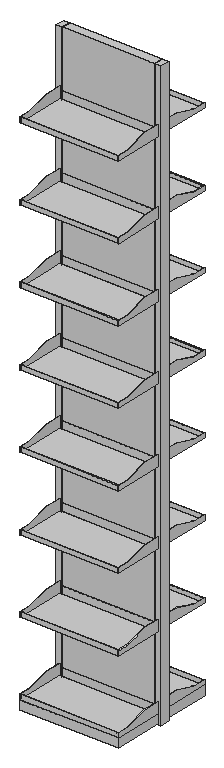
Revit family "RX1", category Specialty Equipment, Revit 2012
Parameters (values of type "Pharmacy Starter (Default)")
  URL = "http://www.madixinc.com/store/pharmacy/components/index.html"
  Model = "Pharmacy"
  Manufacturer = "© 2012 Madix, Inc. All rights reserved."
  "Front" Base Shelf [instance] = yes
  "Front" 2' Shelf [instance] = yes
  "Front" 3' Shelf [instance] = yes
  "Front" 4' Shelf [instance] = yes
  Shelf Width = 1' - 4"
  "Front" 5' Shelf [instance] = yes
  "Front" 6' Shelf [instance] = yes
  "Front" 7' Shelf [instance] = yes
  "Front" 8' Shelf [instance] = yes
  "Back" Base Shelf [instance] = yes
  "Back" 2' Shelf [instance] = yes
  "Back" 3' Shelf [instance] = yes
  "Back" 4' Shelf [instance] = yes
  "Back" 5' Shelf [instance] = yes
  "Front" Shelf Depth = 0' - 8"
  "Back" 6' Shelf [instance] = yes
  "Back" Shelf Depth = 0' - 8"
  Height = 8' - 0"
  "Back" 7' Shelf [instance] = yes
  "Back" 8' Shelf [instance] = yes
Reference planes (in)
  plane 1 "Center (Front/Back)": y = 0
  plane 2: z = 0
  plane 3 "Center (Left/Right)": x = 0
  plane 4: z = 0
  plane 5: y = 0.75
  plane 6: y = -0.75
  plane 7: y = -8.75
  plane 8: y = 8.75
  plane 9: x = -8
  plane 10: x = 8
  plane 11: x = 7.9375
  plane 12: x = -7.9375
  plane 13: z = 1.5
  plane 14: y = -8.6875
  plane 15: y = -0.8125
  plane 16: y = 0.8125
  plane 17: y = 8.6875
  plane 18: x = -7.5
  plane 19: x = 8.5
  plane 20: x = -8.5
  plane 21: x = 7.46875
  plane 22: y = -10.25
  plane 23: z = 96
  plane 24: x = -7.5
Forms (in)
  Extrusion 1, solid, material "Metal - Steel", visible <- ""Front" Base Shelf"
    sketch origin (18, 0, 0) x (0, 0, 1) y (0, -1, 0)
      loop
        line (0, 8.75) -> (0, 0.75) -> (1.5, 0.75) -> (1.5, 8.75) -> (0, 8.75)
    from -10 to -26
  Extrusion 2, solid, material "Metal - Steel", visible <- ""Back" Base Shelf"
    sketch origin (18, 0, 0) x (0, 0, 1) y (0, -1, 0)
      loop
        line (0, -8.75) -> (1.5, -8.75) -> (1.5, -0.75) -> (0, -0.75) -> (0, -8.75)
    from -10 to -26
  Extrusion 3, solid, material "Metal - Steel", visible <- ""Front" Base Shelf"
    sketch origin (0, 0, 0) x (0, 1, 0) y (0, 0, 1)
      loop
        line (-0.75, 1.5) -> (-0.75, 3.25) -> (-3.25, 3.25) -> (-6.75, 2.25) -> (-8.75, 2.25) -> (-8.75, 1.5) -> (-0.75, 1.5)
    from -8 to -7.9375
  Extrusion 4, solid, material "Metal - Steel", visible <- ""Front" Base Shelf"
    sketch origin (0, 0, 0) x (0, 1, 0) y (0, 0, -1)
      loop
        line (-0.75, -1.5) -> (-8.75, -1.5) -> (-8.75, -2.25) -> (-6.75, -2.25) -> (-3.25, -3.25) -> (-0.75, -3.25) -> (-0.75, -1.5)
    from -8 to -7.9375
  Extrusion 5, solid, material "Metal - Steel", visible <- ""Front" Base Shelf"
    sketch origin (-8.5, -1.375, 84) x (0, 0, -1) y (0, -1, 0)
      loop
        line (81.75, 7.375) -> (81.75, 7.3125) -> (82.4375, 7.3125) -> (82.4375, -0.5625) -> (81.21326, -0.5625) -> (81.21326, -0.625) -> (82.5, -0.625) -> (82.5, 7.375) -> (81.75, 7.375)
    from -16.4375 to -0.5625
  Extrusion 6, solid, material "Metal - Steel", visible <- ""Front" 2' Shelf"
    sketch origin (0, 0, 12) x (0, 1, 0) y (0, 0, 1)
      loop
        line (-0.75, 1.5) -> (-0.75, 3.25) -> (-3.25, 3.25) -> (-6.75, 2.25) -> (-8.75, 2.25) -> (-8.75, 1.5) -> (-0.75, 1.5)
    from -8 to -7.9375
  Extrusion 7, solid, material "Metal - Steel", visible <- ""Front" 2' Shelf"
    sketch origin (0, 0, 12) x (0, 1, 0) y (0, 0, -1)
      loop
        line (-0.75, -1.5) -> (-8.75, -1.5) -> (-8.75, -2.25) -> (-6.75, -2.25) -> (-3.25, -3.25) -> (-0.75, -3.25) -> (-0.75, -1.5)
    from -8 to -7.9375
  Extrusion 8, solid, material "Metal - Steel", visible <- ""Front" 2' Shelf"
    sketch origin (-8.5, -1.375, 96) x (0, 0, -1) y (0, -1, 0)
      loop
        line (81.75, 7.375) -> (81.75, 7.3125) -> (82.4375, 7.3125) -> (82.4375, -0.5625) -> (81.21326, -0.5625) -> (81.21326, -0.625) -> (82.5, -0.625) -> (82.5, 7.375) -> (81.75, 7.375)
    from -16.4375 to -0.5625
  Extrusion 9, solid, material "Metal - Steel", visible <- ""Front" 3' Shelf"
    sketch origin (0, 0, 24) x (0, 1, 0) y (0, 0, 1)
      loop
        line (-0.75, 1.5) -> (-0.75, 3.25) -> (-3.25, 3.25) -> (-6.75, 2.25) -> (-8.75, 2.25) -> (-8.75, 1.5) -> (-0.75, 1.5)
    from -8 to -7.9375
  Extrusion 10, solid, material "Metal - Steel", visible <- ""Front" 3' Shelf"
    sketch origin (0, 0, 24) x (0, 1, 0) y (0, 0, -1)
      loop
        line (-0.75, -1.5) -> (-8.75, -1.5) -> (-8.75, -2.25) -> (-6.75, -2.25) -> (-3.25, -3.25) -> (-0.75, -3.25) -> (-0.75, -1.5)
    from -8 to -7.9375
  Extrusion 11, solid, material "Metal - Steel", visible <- ""Front" 3' Shelf"
    sketch origin (-8.5, -1.375, 108) x (0, 0, -1) y (0, -1, 0)
      loop
        line (81.75, 7.375) -> (81.75, 7.3125) -> (82.4375, 7.3125) -> (82.4375, -0.5625) -> (81.21326, -0.5625) -> (81.21326, -0.625) -> (82.5, -0.625) -> (82.5, 7.375) -> (81.75, 7.375)
    from -16.4375 to -0.5625
  Extrusion 12, solid, material "Metal - Steel", visible <- ""Front" 4' Shelf"
    sketch origin (0, 0, 36) x (0, 1, 0) y (0, 0, 1)
      loop
        line (-0.75, 1.5) -> (-0.75, 3.25) -> (-3.25, 3.25) -> (-6.75, 2.25) -> (-8.75, 2.25) -> (-8.75, 1.5) -> (-0.75, 1.5)
    from -8 to -7.9375
  Extrusion 13, solid, material "Metal - Steel", visible <- ""Front" 4' Shelf"
    sketch origin (0, 0, 36) x (0, 1, 0) y (0, 0, -1)
      loop
        line (-0.75, -1.5) -> (-8.75, -1.5) -> (-8.75, -2.25) -> (-6.75, -2.25) -> (-3.25, -3.25) -> (-0.75, -3.25) -> (-0.75, -1.5)
    from -8 to -7.9375
  Extrusion 14, solid, material "Metal - Steel", visible <- ""Front" 4' Shelf"
    sketch origin (-8.5, -1.375, 120) x (0, 0, -1) y (0, -1, 0)
      loop
        line (81.75, 7.375) -> (81.75, 7.3125) -> (82.4375, 7.3125) -> (82.4375, -0.5625) -> (81.21326, -0.5625) -> (81.21326, -0.625) -> (82.5, -0.625) -> (82.5, 7.375) -> (81.75, 7.375)
    from -16.4375 to -0.5625
  Extrusion 15, solid, material "Metal - Steel", visible <- ""Front" 5' Shelf"
    sketch origin (0, 0, 48) x (0, 1, 0) y (0, 0, 1)
      loop
        line (-0.75, 1.5) -> (-0.75, 3.25) -> (-3.25, 3.25) -> (-6.75, 2.25) -> (-8.75, 2.25) -> (-8.75, 1.5) -> (-0.75, 1.5)
    from -8 to -7.9375
  Extrusion 16, solid, material "Metal - Steel", visible <- ""Front" 5' Shelf"
    sketch origin (0, 0, 48) x (0, 1, 0) y (0, 0, -1)
      loop
        line (-0.75, -1.5) -> (-8.75, -1.5) -> (-8.75, -2.25) -> (-6.75, -2.25) -> (-3.25, -3.25) -> (-0.75, -3.25) -> (-0.75, -1.5)
    from -8 to -7.9375
  Extrusion 17, solid, material "Metal - Steel", visible <- ""Front" 5' Shelf"
    sketch origin (-8.5, -1.375, 132) x (0, 0, -1) y (0, -1, 0)
      loop
        line (81.75, 7.375) -> (81.75, 7.3125) -> (82.4375, 7.3125) -> (82.4375, -0.5625) -> (81.21326, -0.5625) -> (81.21326, -0.625) -> (82.5, -0.625) -> (82.5, 7.375) -> (81.75, 7.375)
    from -16.4375 to -0.5625
  Extrusion 18, solid, material "Metal - Steel", visible <- ""Front" 6' Shelf"
    sketch origin (0, 0, 60) x (0, 1, 0) y (0, 0, 1)
      loop
        line (-0.75, 1.5) -> (-0.75, 3.25) -> (-3.25, 3.25) -> (-6.75, 2.25) -> (-8.75, 2.25) -> (-8.75, 1.5) -> (-0.75, 1.5)
    from -8 to -7.9375
  Extrusion 19, solid, material "Metal - Steel", visible <- ""Front" 6' Shelf"
    sketch origin (0, 0, 60) x (0, 1, 0) y (0, 0, -1)
      loop
        line (-0.75, -1.5) -> (-8.75, -1.5) -> (-8.75, -2.25) -> (-6.75, -2.25) -> (-3.25, -3.25) -> (-0.75, -3.25) -> (-0.75, -1.5)
    from -8 to -7.9375
  Extrusion 20, solid, material "Metal - Steel", visible <- ""Front" 6' Shelf"
    sketch origin (-8.5, -1.375, 144) x (0, 0, -1) y (0, -1, 0)
      loop
        line (81.75, 7.375) -> (81.75, 7.3125) -> (82.4375, 7.3125) -> (82.4375, -0.5625) -> (81.21326, -0.5625) -> (81.21326, -0.625) -> (82.5, -0.625) -> (82.5, 7.375) -> (81.75, 7.375)
    from -16.4375 to -0.5625
  Extrusion 21, solid, material "Metal - Steel", visible <- ""Front" 7' Shelf"
    sketch origin (0, 0, 72) x (0, 1, 0) y (0, 0, 1)
      loop
        line (-0.75, 1.5) -> (-0.75, 3.25) -> (-3.25, 3.25) -> (-6.75, 2.25) -> (-8.75, 2.25) -> (-8.75, 1.5) -> (-0.75, 1.5)
    from -8 to -7.9375
  Extrusion 22, solid, material "Metal - Steel", visible <- ""Front" 7' Shelf"
    sketch origin (0, 0, 72) x (0, 1, 0) y (0, 0, -1)
      loop
        line (-0.75, -1.5) -> (-8.75, -1.5) -> (-8.75, -2.25) -> (-6.75, -2.25) -> (-3.25, -3.25) -> (-0.75, -3.25) -> (-0.75, -1.5)
    from -8 to -7.9375
  Extrusion 23, solid, material "Metal - Steel", visible <- ""Front" 7' Shelf"
    sketch origin (-8.5, -1.375, 156) x (0, 0, -1) y (0, -1, 0)
      loop
        line (81.75, 7.375) -> (81.75, 7.3125) -> (82.4375, 7.3125) -> (82.4375, -0.5625) -> (81.21326, -0.5625) -> (81.21326, -0.625) -> (82.5, -0.625) -> (82.5, 7.375) -> (81.75, 7.375)
    from -16.4375 to -0.5625
  Extrusion 24, solid, material "Metal - Steel", visible <- ""Back" Base Shelf"
    sketch origin (0, 0, 0) x (0, -1, 0) y (0, 0, -1)
      loop
        line (-0.75, -1.5) -> (-8.75, -1.5) -> (-8.75, -2.25) -> (-6.75, -2.25) -> (-3.25, -3.25) -> (-0.75, -3.25) -> (-0.75, -1.5)
    from -8 to -7.9375
  Extrusion 25, solid, material "Metal - Steel", visible <- ""Back" Base Shelf"
    sketch origin (0, 0, 0) x (0, -1, 0) y (0, 0, 1)
      loop
        line (-0.75, 1.5) -> (-0.75, 3.25) -> (-3.25, 3.25) -> (-6.75, 2.25) -> (-8.75, 2.25) -> (-8.75, 1.5) -> (-0.75, 1.5)
    from -8 to -7.9375
  Extrusion 26, solid, material "Metal - Steel", visible <- ""Back" Base Shelf"
    sketch origin (-8.5, 1.375, 84) x (0, 0, -1) y (0, -1, 0)
      loop
        line (81.75, -7.375) -> (82.5, -7.375) -> (82.5, 0.625) -> (81.21326, 0.625) -> (81.21326, 0.5625) -> (82.4375, 0.5625) -> (82.4375, -7.3125) -> (81.75, -7.3125) -> (81.75, -7.375)
    from -16.4375 to -0.5625
  Extrusion 27, solid, material "Metal - Steel", visible <- ""Back" 2' Shelf"
    sketch origin (0, 0, 12) x (0, -1, 0) y (0, 0, -1)
      loop
        line (-0.75, -1.5) -> (-8.75, -1.5) -> (-8.75, -2.25) -> (-6.75, -2.25) -> (-3.25, -3.25) -> (-0.75, -3.25) -> (-0.75, -1.5)
    from -8 to -7.9375
  Extrusion 28, solid, material "Metal - Steel", visible <- ""Back" 2' Shelf"
    sketch origin (0, 0, 12) x (0, -1, 0) y (0, 0, 1)
      loop
        line (-0.75, 1.5) -> (-0.75, 3.25) -> (-3.25, 3.25) -> (-6.75, 2.25) -> (-8.75, 2.25) -> (-8.75, 1.5) -> (-0.75, 1.5)
    from -8 to -7.9375
  Extrusion 29, solid, material "Metal - Steel", visible <- ""Back" 2' Shelf"
    sketch origin (-8.5, 1.375, 96) x (0, 0, -1) y (0, -1, 0)
      loop
        line (81.75, -7.375) -> (82.5, -7.375) -> (82.5, 0.625) -> (81.21326, 0.625) -> (81.21326, 0.5625) -> (82.4375, 0.5625) -> (82.4375, -7.3125) -> (81.75, -7.3125) -> (81.75, -7.375)
    from -16.4375 to -0.5625
  Extrusion 30, solid, material "Metal - Steel", visible <- ""Back" 3' Shelf"
    sketch origin (0, 0, 24) x (0, -1, 0) y (0, 0, -1)
      loop
        line (-0.75, -1.5) -> (-8.75, -1.5) -> (-8.75, -2.25) -> (-6.75, -2.25) -> (-3.25, -3.25) -> (-0.75, -3.25) -> (-0.75, -1.5)
    from -8 to -7.9375
  Extrusion 31, solid, material "Metal - Steel", visible <- ""Back" 3' Shelf"
    sketch origin (0, 0, 24) x (0, -1, 0) y (0, 0, 1)
      loop
        line (-0.75, 1.5) -> (-0.75, 3.25) -> (-3.25, 3.25) -> (-6.75, 2.25) -> (-8.75, 2.25) -> (-8.75, 1.5) -> (-0.75, 1.5)
    from -8 to -7.9375
  Extrusion 32, solid, material "Metal - Steel", visible <- ""Back" 3' Shelf"
    sketch origin (-8.5, 1.375, 108) x (0, 0, -1) y (0, -1, 0)
      loop
        line (81.75, -7.375) -> (82.5, -7.375) -> (82.5, 0.625) -> (81.21326, 0.625) -> (81.21326, 0.5625) -> (82.4375, 0.5625) -> (82.4375, -7.3125) -> (81.75, -7.3125) -> (81.75, -7.375)
    from -16.4375 to -0.5625
  Extrusion 33, solid, material "Metal - Steel", visible <- ""Back" 4' Shelf"
    sketch origin (0, 0, 36) x (0, -1, 0) y (0, 0, -1)
      loop
        line (-0.75, -1.5) -> (-8.75, -1.5) -> (-8.75, -2.25) -> (-6.75, -2.25) -> (-3.25, -3.25) -> (-0.75, -3.25) -> (-0.75, -1.5)
    from -8 to -7.9375
  Extrusion 34, solid, material "Metal - Steel", visible <- ""Back" 4' Shelf"
    sketch origin (0, 0, 36) x (0, -1, 0) y (0, 0, 1)
      loop
        line (-0.75, 1.5) -> (-0.75, 3.25) -> (-3.25, 3.25) -> (-6.75, 2.25) -> (-8.75, 2.25) -> (-8.75, 1.5) -> (-0.75, 1.5)
    from -8 to -7.9375
  Extrusion 35, solid, material "Metal - Steel", visible <- ""Back" 4' Shelf"
    sketch origin (-8.5, 1.375, 120) x (0, 0, -1) y (0, -1, 0)
      loop
        line (81.75, -7.375) -> (82.5, -7.375) -> (82.5, 0.625) -> (81.21326, 0.625) -> (81.21326, 0.5625) -> (82.4375, 0.5625) -> (82.4375, -7.3125) -> (81.75, -7.3125) -> (81.75, -7.375)
    from -16.4375 to -0.5625
  Extrusion 36, solid, material "Metal - Steel", visible <- ""Back" 5' Shelf"
    sketch origin (0, 0, 48) x (0, -1, 0) y (0, 0, -1)
      loop
        line (-0.75, -1.5) -> (-8.75, -1.5) -> (-8.75, -2.25) -> (-6.75, -2.25) -> (-3.25, -3.25) -> (-0.75, -3.25) -> (-0.75, -1.5)
    from -8 to -7.9375
  Extrusion 37, solid, material "Metal - Steel", visible <- ""Back" 5' Shelf"
    sketch origin (0, 0, 48) x (0, -1, 0) y (0, 0, 1)
      loop
        line (-0.75, 1.5) -> (-0.75, 3.25) -> (-3.25, 3.25) -> (-6.75, 2.25) -> (-8.75, 2.25) -> (-8.75, 1.5) -> (-0.75, 1.5)
    from -8 to -7.9375
  Extrusion 38, solid, material "Metal - Steel", visible <- ""Back" 5' Shelf"
    sketch origin (-8.5, 1.375, 132) x (0, 0, -1) y (0, -1, 0)
      loop
        line (81.75, -7.375) -> (82.5, -7.375) -> (82.5, 0.625) -> (81.21326, 0.625) -> (81.21326, 0.5625) -> (82.4375, 0.5625) -> (82.4375, -7.3125) -> (81.75, -7.3125) -> (81.75, -7.375)
    from -16.4375 to -0.5625
  Extrusion 39, solid, material "Metal - Steel", visible <- ""Back" 6' Shelf"
    sketch origin (0, 0, 60) x (0, -1, 0) y (0, 0, -1)
      loop
        line (-0.75, -1.5) -> (-8.75, -1.5) -> (-8.75, -2.25) -> (-6.75, -2.25) -> (-3.25, -3.25) -> (-0.75, -3.25) -> (-0.75, -1.5)
    from -8 to -7.9375
  Extrusion 40, solid, material "Metal - Steel", visible <- ""Back" 6' Shelf"
    sketch origin (0, 0, 60) x (0, -1, 0) y (0, 0, 1)
      loop
        line (-0.75, 1.5) -> (-0.75, 3.25) -> (-3.25, 3.25) -> (-6.75, 2.25) -> (-8.75, 2.25) -> (-8.75, 1.5) -> (-0.75, 1.5)
    from -8 to -7.9375
  Extrusion 41, solid, material "Metal - Steel", visible <- ""Back" 6' Shelf"
    sketch origin (-8.5, 1.375, 144) x (0, 0, -1) y (0, -1, 0)
      loop
        line (81.75, -7.375) -> (82.5, -7.375) -> (82.5, 0.625) -> (81.21326, 0.625) -> (81.21326, 0.5625) -> (82.4375, 0.5625) -> (82.4375, -7.3125) -> (81.75, -7.3125) -> (81.75, -7.375)
    from -16.4375 to -0.5625
  Extrusion 42, solid, material "Metal - Steel", visible <- ""Back" 7' Shelf"
    sketch origin (0, 0, 72) x (0, -1, 0) y (0, 0, -1)
      loop
        line (-0.75, -1.5) -> (-8.75, -1.5) -> (-8.75, -2.25) -> (-6.75, -2.25) -> (-3.25, -3.25) -> (-0.75, -3.25) -> (-0.75, -1.5)
    from -8 to -7.9375
  Extrusion 43, solid, material "Metal - Steel", visible <- ""Back" 7' Shelf"
    sketch origin (0, 0, 72) x (0, -1, 0) y (0, 0, 1)
      loop
        line (-0.75, 1.5) -> (-0.75, 3.25) -> (-3.25, 3.25) -> (-6.75, 2.25) -> (-8.75, 2.25) -> (-8.75, 1.5) -> (-0.75, 1.5)
    from -8 to -7.9375
  Extrusion 44, solid, material "Metal - Steel", visible <- ""Back" 7' Shelf"
    sketch origin (-8.5, 1.375, 156) x (0, 0, -1) y (0, -1, 0)
      loop
        line (81.75, -7.375) -> (82.5, -7.375) -> (82.5, 0.625) -> (81.21326, 0.625) -> (81.21326, 0.5625) -> (82.4375, 0.5625) -> (82.4375, -7.3125) -> (81.75, -7.3125) -> (81.75, -7.375)
    from -16.4375 to -0.5625
  Extrusion 45, solid, material "Metal - Steel", visible <- ""Front" 8' Shelf"
    sketch origin (0, 0, 84) x (0, 1, 0) y (0, 0, 1)
      loop
        line (-0.75, 1.5) -> (-0.75, 3.25) -> (-3.25, 3.25) -> (-6.75, 2.25) -> (-8.75, 2.25) -> (-8.75, 1.5) -> (-0.75, 1.5)
    from -8 to -7.9375
  Extrusion 46, solid, material "Metal - Steel", visible <- ""Front" 8' Shelf"
    sketch origin (0, 0, 84) x (0, 1, 0) y (0, 0, -1)
      loop
        line (-0.75, -1.5) -> (-8.75, -1.5) -> (-8.75, -2.25) -> (-6.75, -2.25) -> (-3.25, -3.25) -> (-0.75, -3.25) -> (-0.75, -1.5)
    from -8 to -7.9375
  Extrusion 47, solid, material "Metal - Steel", visible <- ""Front" 8' Shelf"
    sketch origin (-8.5, -1.375, 168) x (0, 0, -1) y (0, -1, 0)
      loop
        line (81.75, 7.375) -> (81.75, 7.3125) -> (82.4375, 7.3125) -> (82.4375, -0.5625) -> (81.21326, -0.5625) -> (81.21326, -0.625) -> (82.5, -0.625) -> (82.5, 7.375) -> (81.75, 7.375)
    from -16.4375 to -0.5625
  Extrusion 48, solid, material "Metal - Steel", visible <- ""Back" 8' Shelf"
    sketch origin (0, 0, 84) x (0, -1, 0) y (0, 0, -1)
      loop
        line (-0.75, -1.5) -> (-8.75, -1.5) -> (-8.75, -2.25) -> (-6.75, -2.25) -> (-3.25, -3.25) -> (-0.75, -3.25) -> (-0.75, -1.5)
    from -8 to -7.9375
  Extrusion 49, solid, material "Metal - Steel", visible <- ""Back" 8' Shelf"
    sketch origin (0, 0, 84) x (0, -1, 0) y (0, 0, 1)
      loop
        line (-0.75, 1.5) -> (-0.75, 3.25) -> (-3.25, 3.25) -> (-6.75, 2.25) -> (-8.75, 2.25) -> (-8.75, 1.5) -> (-0.75, 1.5)
    from -8 to -7.9375
  Extrusion 50, solid, material "Metal - Steel", visible <- ""Back" 8' Shelf"
    sketch origin (-8.5, 1.375, 168) x (0, 0, -1) y (0, -1, 0)
      loop
        line (81.75, -7.375) -> (82.5, -7.375) -> (82.5, 0.625) -> (81.21326, 0.625) -> (81.21326, 0.5625) -> (82.4375, 0.5625) -> (82.4375, -7.3125) -> (81.75, -7.3125) -> (81.75, -7.375)
    from -16.4375 to -0.5625
  Extrusion 51, solid, material "Metal - Steel"
    sketch origin (-6, -1.375, 84) x (-1, 0, 0) y (0, -1, 0)
      loop
        line (2.5, -2.125) -> (2.5, -0.625) -> (1.53125, -0.625) -> (1.53125, -2.125) -> (2.5, -2.125)
      loop
        line (1.5, -0.625) -> (-13.46875, -0.625) -> (-13.46875, -2.125) -> (1.5, -2.125) -> (1.5, -0.625)
      loop
        line (-14.5, -2.125) -> (-13.5, -2.125) -> (-13.5, -0.625) -> (-14.5, -0.625) -> (-14.5, -2.125)
    from -84 to 12
Cuts and joins
  joined: Extrusion 3, Extrusion 4, Extrusion 5
Dimensions and locks (in)
  ""Back" Shelf Depth": plane 8 to plane 5
  ""Front" Shelf Depth": plane 7 to plane 6
  equal spacing: plane 9, plane 3 "Center (Left/Right)", plane 10
  "Shelf Width": plane 9 to plane 10
  locked: plane 9 to plane 12 at 0.0625
  locked: plane 11 to plane 10 at 0.0625
  locked: plane 7 to plane 14 at 0.0625
  locked: plane 6 to plane 15 at 0.0625
  locked: plane 5 to plane 16 at 0.0625
  locked: plane 8 to plane 17 at 0.0625
  plane 20 to plane 18 = 0' - 1"
  locked: plane 21 to plane 19 at 1.03125
  locked: plane 10 to plane 19 at 0.5
  "Height": plane 23 to level
  plane 20 to Extrusion 45 to plane 18 = 0' - 0 1/2" locked, 0' - 0 1/2"
  locked: plane 9 to plane 18 at 0.5
  aligned and locked: level to plane 2
  aligned and locked: plane 8 to Extrusion 2
  aligned and locked: Extrusion 1 to Extrusion 2
  aligned and locked: Extrusion 2 to plane 9
  aligned and locked: plane 10 to Extrusion 2
  aligned and locked: Extrusion 2 to Extrusion 1
  aligned and locked: Extrusion 5 to Extrusion 4
  aligned and locked: Extrusion 5 to Extrusion 3
  aligned and locked: Extrusion 1 to Extrusion 3
  aligned and locked: Extrusion 1 to Extrusion 4
  aligned and locked: plane 9 to Extrusion 3
  aligned and locked: Extrusion 4 to plane 10
  aligned and locked: Extrusion 4 to plane 11
  aligned and locked: plane 12 to Extrusion 3
  aligned and locked: Extrusion 7 to Extrusion 1
  aligned and locked: Extrusion 7 to plane 11
  aligned and locked: Extrusion 6 to Extrusion 1
  aligned and locked: plane 12 to Extrusion 6
  aligned and locked: Extrusion 10 to Extrusion 1
  aligned and locked: Extrusion 10 to plane 11
  aligned and locked: Extrusion 9 to Extrusion 1
  aligned and locked: plane 12 to Extrusion 9
  aligned and locked: Extrusion 13 to plane 11
  aligned and locked: Extrusion 13 to Extrusion 1
  aligned and locked: plane 12 to Extrusion 12
  aligned and locked: Extrusion 12 to Extrusion 1
  aligned and locked: plane 12 to Extrusion 15
  aligned and locked: Extrusion 15 to Extrusion 1
  aligned and locked: Extrusion 16 to plane 11
  aligned and locked: Extrusion 16 to Extrusion 1
  aligned and locked: Extrusion 20 to Extrusion 19
  aligned and locked: Extrusion 20 to Extrusion 18
  aligned and locked: Extrusion 18 to Extrusion 1
  aligned and locked: plane 12 to Extrusion 18
  aligned and locked: Extrusion 19 to Extrusion 1
  aligned and locked: Extrusion 19 to plane 11
  aligned and locked: Extrusion 21 to Extrusion 1
  aligned and locked: plane 12 to Extrusion 21
  aligned and locked: Extrusion 22 to Extrusion 1
  aligned and locked: Extrusion 22 to plane 11
  aligned and locked: Extrusion 25 to Extrusion 26
  aligned and locked: Extrusion 24 to Extrusion 26
  aligned and locked: Extrusion 25 to plane 11
  aligned and locked: Extrusion 25 to Extrusion 2
  aligned and locked: plane 12 to Extrusion 24
  aligned and locked: Extrusion 24 to Extrusion 2
  aligned and locked: Extrusion 28 to Extrusion 29
  aligned and locked: Extrusion 27 to Extrusion 29
  aligned and locked: plane 12 to Extrusion 27
  aligned and locked: Extrusion 27 to Extrusion 2
  aligned and locked: Extrusion 28 to plane 11
  aligned and locked: Extrusion 28 to Extrusion 2
  aligned and locked: Extrusion 31 to Extrusion 32
  aligned and locked: Extrusion 30 to Extrusion 32
  aligned and locked: Extrusion 30 to Extrusion 2
  aligned and locked: plane 12 to Extrusion 30
  aligned and locked: Extrusion 31 to Extrusion 2
  aligned and locked: Extrusion 31 to plane 11
  aligned and locked: plane 12 to Extrusion 33
  aligned and locked: Extrusion 33 to Extrusion 1
  aligned and locked: Extrusion 34 to plane 11
  aligned and locked: Extrusion 34 to Extrusion 2
  aligned and locked: Extrusion 36 to Extrusion 2
  aligned and locked: plane 12 to Extrusion 36
  aligned and locked: Extrusion 37 to Extrusion 2
  aligned and locked: Extrusion 37 to plane 11
  aligned and locked: plane 12 to Extrusion 39
  aligned and locked: Extrusion 39 to Extrusion 2
  aligned and locked: Extrusion 40 to plane 11
  aligned and locked: Extrusion 40 to Extrusion 2
  aligned and locked: Extrusion 42 to Extrusion 2
  aligned and locked: plane 12 to Extrusion 42
  aligned and locked: Extrusion 43 to Extrusion 2
  aligned and locked: Extrusion 43 to plane 11
  aligned and locked: plane 14 to cut or joined group of Extrusion 3, Extrusion 4, Extrusion 5
  aligned and locked: plane 15 to cut or joined group of Extrusion 3, Extrusion 4, Extrusion 5
  aligned and locked: cut or joined group of Extrusion 3, Extrusion 4, Extrusion 5 to Extrusion 23  (x2)
  aligned and locked: Extrusion 1 to Extrusion 23
  aligned and locked: cut or joined group of Extrusion 3, Extrusion 4, Extrusion 5 to Extrusion 14
  aligned and locked: Extrusion 1 to Extrusion 14
  aligned and locked: cut or joined group of Extrusion 3, Extrusion 4, Extrusion 5 to Extrusion 11
  aligned and locked: cut or joined group of Extrusion 3, Extrusion 4, Extrusion 5 to Extrusion 8
  aligned and locked: cut or joined group of Extrusion 3, Extrusion 4, Extrusion 5 to Extrusion 17  (x2)
  aligned and locked: Extrusion 1 to Extrusion 17
  aligned and locked: Extrusion 8 to cut or joined group of Extrusion 3, Extrusion 4, Extrusion 5
  aligned and locked: Extrusion 1 to Extrusion 8
  aligned and locked: Extrusion 20 to cut or joined group of Extrusion 3, Extrusion 4, Extrusion 5  (x2)
  aligned and locked: Extrusion 44 to plane 17
  aligned and locked: Extrusion 26 to Extrusion 44
  aligned and locked: Extrusion 29 to Extrusion 44
  aligned and locked: Extrusion 41 to Extrusion 44
  aligned and locked: Extrusion 41 to Extrusion 38
  aligned and locked: Extrusion 32 to Extrusion 44
  aligned and locked: Extrusion 35 to Extrusion 38
  aligned and locked: Extrusion 26 to Extrusion 35
  aligned and locked: Extrusion 32 to Extrusion 35
  aligned and locked: Extrusion 2 to Extrusion 32
  aligned and locked: Extrusion 29 to Extrusion 38
  aligned and locked: Extrusion 29 to Extrusion 32
  aligned and locked: Extrusion 2 to Extrusion 29
  aligned and locked: Extrusion 26 to Extrusion 29
  aligned and locked: Extrusion 2 to Extrusion 26
  aligned and locked: plane 11 to Extrusion 44
  aligned and locked: plane 11 to Extrusion 41
  aligned and locked: plane 11 to Extrusion 38
  aligned and locked: plane 11 to Extrusion 35
  aligned and locked: Extrusion 35 to plane 12
  aligned and locked: Extrusion 44 to plane 12
  aligned and locked: Extrusion 41 to plane 12
  aligned and locked: Extrusion 38 to plane 12
  aligned and locked: Extrusion 23 to plane 12
  aligned and locked: Extrusion 17 to plane 12
  aligned and locked: Extrusion 14 to plane 12
  aligned and locked: Extrusion 11 to plane 12
  aligned and locked: Extrusion 8 to plane 12
  aligned and locked: plane 11 to Extrusion 8
  aligned and locked: plane 11 to Extrusion 23
  aligned and locked: plane 11 to Extrusion 17
  aligned and locked: plane 11 to Extrusion 14
  aligned and locked: plane 11 to Extrusion 11
  aligned and locked: plane 23 to Extrusion 51
  aligned and locked: Extrusion 45 to Extrusion 1
  aligned and locked: plane 12 to Extrusion 45
  aligned and locked: Extrusion 47 to plane 12
  aligned and locked: plane 11 to Extrusion 47
  aligned and locked: Extrusion 46 to Extrusion 1
  aligned and locked: Extrusion 46 to plane 11
  aligned and locked: Extrusion 49 to Extrusion 2
  aligned and locked: Extrusion 49 to plane 11
  aligned and locked: plane 11 to Extrusion 50
  aligned and locked: Extrusion 50 to plane 12
  aligned and locked: Extrusion 48 to Extrusion 2
  aligned and locked: plane 12 to Extrusion 48
  aligned and locked: plane 18 to plane 24
Automatic sketch dimensions
  Extrusion 1 sketch curve to level = 0' - 0"
  Extrusion 1 sketch curve to plane 6 = 0' - 0"
  Extrusion 1 sketch curve to plane 13 = 0' - 0"
  Extrusion 1 sketch curve to plane 7 = 0' - 0"
  Extrusion 2 sketch curve to level = 0' - 0"
  Extrusion 2 sketch curve to plane 5 = 0' - 0"
  Extrusion 2 sketch curve to plane 13 = 0' - 0"
  Extrusion 2 sketch curve to plane 8 = 0' - 0"
  Extrusion 3 sketch curve to plane 7 = 0' - 0"
  Extrusion 3 sketch curve to plane 6 = 0' - 0"
  Extrusion 3 sketch curve to plane 13 = 0' - 0"
  plane 13 to Extrusion 3 sketch curve = 0' - 0 3/4"
  Extrusion 3 sketch curve to plane 14 = 0' - 1 15/16"
  Extrusion 3 sketch curve to plane 15 = 0' - 2 7/16"
  plane 13 to Extrusion 3 sketch curve = 0' - 1 3/4"
  Extrusion 4 sketch curve to plane 7 = 0' - 0"
  Extrusion 4 sketch curve to plane 6 = 0' - 0"
  Extrusion 4 sketch curve to plane 13 = 0' - 0"
  plane 13 to Extrusion 4 sketch curve = 0' - 0 3/4"
  Extrusion 4 sketch curve to plane 14 = 0' - 1 15/16"
  Extrusion 4 sketch curve to plane 15 = 0' - 2 7/16"
  plane 13 to Extrusion 4 sketch curve = 0' - 1 3/4"
  Extrusion 5 sketch curve to plane 15 = 0' - 0"
  Extrusion 5 sketch curve to plane 6 = 0' - 0"
  Extrusion 5 sketch curve to plane 7 = 0' - 0"
  Extrusion 5 sketch curve to plane 14 = 0' - 0"
  Extrusion 5 sketch curve to plane 13 = 0' - 0"
  plane 13 to Extrusion 5 sketch curve = 0' - 0 1/16"
  Extrusion 5 sketch curve to Extrusion 5 sketch curve = 0' - 0 11/16"
  Extrusion 5 sketch curve to Extrusion 5 sketch curve = 0' - 1.22424"
  Extrusion 6 sketch curve to plane 7 = 0' - 0"
  Extrusion 6 sketch curve to plane 6 = 0' - 0"
  Extrusion 6 sketch curve to plane 14 = 0' - 1 15/16"
  Extrusion 6 sketch curve to plane 15 = 0' - 2 7/16"
  plane 13 to Extrusion 6 sketch curve = 1' - 0"
  Extrusion 6 sketch curve to Extrusion 6 sketch curve = 0' - 0 3/4"
  Extrusion 6 sketch curve to Extrusion 6 sketch curve = 0' - 1 3/4"
  Extrusion 7 sketch curve to plane 7 = 0' - 0"
  Extrusion 7 sketch curve to plane 6 = 0' - 0"
  Extrusion 7 sketch curve to plane 14 = 0' - 1 15/16"
  Extrusion 7 sketch curve to plane 15 = 0' - 2 7/16"
  plane 13 to Extrusion 7 sketch curve = 1' - 1 3/4"
  Extrusion 7 sketch curve to Extrusion 7 sketch curve = 0' - 1"
  Extrusion 7 sketch curve to Extrusion 7 sketch curve = 0' - 1 3/4"
  Extrusion 8 sketch curve to plane 15 = 0' - 0"
  Extrusion 8 sketch curve to plane 6 = 0' - 0"
  Extrusion 8 sketch curve to plane 7 = 0' - 0"
  Extrusion 8 sketch curve to plane 14 = 0' - 0"
  plane 13 to Extrusion 8 sketch curve = 1' - 1.28674"
  Extrusion 8 sketch curve to Extrusion 8 sketch curve = 0' - 0.53674"
  Extrusion 8 sketch curve to Extrusion 8 sketch curve = 0' - 0 11/16"
  Extrusion 8 sketch curve to Extrusion 8 sketch curve = 0' - 0 1/16"
  Extrusion 9 sketch curve to plane 7 = 0' - 0"
  Extrusion 9 sketch curve to plane 6 = 0' - 0"
  Extrusion 9 sketch curve to plane 14 = 0' - 1 15/16"
  Extrusion 9 sketch curve to plane 15 = 0' - 2 7/16"
  plane 13 to Extrusion 9 sketch curve = 2' - 0"
  Extrusion 9 sketch curve to Extrusion 9 sketch curve = 0' - 0 3/4"
  Extrusion 9 sketch curve to Extrusion 9 sketch curve = 0' - 1 3/4"
  Extrusion 10 sketch curve to plane 7 = 0' - 0"
  Extrusion 10 sketch curve to plane 6 = 0' - 0"
  Extrusion 10 sketch curve to plane 14 = 0' - 1 15/16"
  Extrusion 10 sketch curve to plane 15 = 0' - 2 7/16"
  plane 13 to Extrusion 10 sketch curve = 2' - 1 3/4"
  Extrusion 10 sketch curve to Extrusion 10 sketch curve = 0' - 1"
  Extrusion 10 sketch curve to Extrusion 10 sketch curve = 0' - 1 3/4"
  Extrusion 11 sketch curve to plane 15 = 0' - 0"
  Extrusion 11 sketch curve to plane 6 = 0' - 0"
  Extrusion 11 sketch curve to plane 7 = 0' - 0"
  Extrusion 11 sketch curve to plane 14 = 0' - 0"
  plane 13 to Extrusion 11 sketch curve = 2' - 1.28674"
  Extrusion 11 sketch curve to Extrusion 11 sketch curve = 0' - 0.53674"
  Extrusion 11 sketch curve to Extrusion 11 sketch curve = 0' - 0 11/16"
  Extrusion 11 sketch curve to Extrusion 11 sketch curve = 0' - 0 1/16"
  Extrusion 12 sketch curve to plane 7 = 0' - 0"
  Extrusion 12 sketch curve to plane 6 = 0' - 0"
  Extrusion 12 sketch curve to plane 14 = 0' - 1 15/16"
  Extrusion 12 sketch curve to plane 15 = 0' - 2 7/16"
  plane 13 to Extrusion 12 sketch curve = 3' - 0"
  Extrusion 12 sketch curve to Extrusion 12 sketch curve = 0' - 0 3/4"
  Extrusion 12 sketch curve to Extrusion 12 sketch curve = 0' - 1 3/4"
  Extrusion 13 sketch curve to plane 7 = 0' - 0"
  Extrusion 13 sketch curve to plane 6 = 0' - 0"
  Extrusion 13 sketch curve to plane 14 = 0' - 1 15/16"
  Extrusion 13 sketch curve to plane 15 = 0' - 2 7/16"
  plane 13 to Extrusion 13 sketch curve = 3' - 1 3/4"
  Extrusion 13 sketch curve to Extrusion 13 sketch curve = 0' - 1"
  Extrusion 13 sketch curve to Extrusion 13 sketch curve = 0' - 1 3/4"
  Extrusion 14 sketch curve to plane 15 = 0' - 0"
  Extrusion 14 sketch curve to plane 6 = 0' - 0"
  Extrusion 14 sketch curve to plane 7 = 0' - 0"
  Extrusion 14 sketch curve to plane 14 = 0' - 0"
  plane 13 to Extrusion 14 sketch curve = 3' - 1.28674"
  Extrusion 14 sketch curve to Extrusion 14 sketch curve = 0' - 0.53674"
  Extrusion 14 sketch curve to Extrusion 14 sketch curve = 0' - 0 11/16"
  Extrusion 14 sketch curve to Extrusion 14 sketch curve = 0' - 0 1/16"
  Extrusion 15 sketch curve to plane 7 = 0' - 0"
  Extrusion 15 sketch curve to plane 6 = 0' - 0"
  Extrusion 15 sketch curve to plane 14 = 0' - 1 15/16"
  Extrusion 15 sketch curve to plane 15 = 0' - 2 7/16"
  plane 13 to Extrusion 15 sketch curve = 4' - 0"
  Extrusion 15 sketch curve to Extrusion 15 sketch curve = 0' - 0 3/4"
  Extrusion 15 sketch curve to Extrusion 15 sketch curve = 0' - 1 3/4"
  Extrusion 16 sketch curve to plane 7 = 0' - 0"
  Extrusion 16 sketch curve to plane 6 = 0' - 0"
  Extrusion 16 sketch curve to plane 14 = 0' - 1 15/16"
  Extrusion 16 sketch curve to plane 15 = 0' - 2 7/16"
  plane 13 to Extrusion 16 sketch curve = 4' - 1 3/4"
  Extrusion 16 sketch curve to Extrusion 16 sketch curve = 0' - 1"
  Extrusion 16 sketch curve to Extrusion 16 sketch curve = 0' - 1 3/4"
  Extrusion 17 sketch curve to plane 15 = 0' - 0"
  Extrusion 17 sketch curve to plane 6 = 0' - 0"
  Extrusion 17 sketch curve to plane 7 = 0' - 0"
  Extrusion 17 sketch curve to plane 14 = 0' - 0"
  plane 13 to Extrusion 17 sketch curve = 4' - 1.28674"
  Extrusion 17 sketch curve to Extrusion 17 sketch curve = 0' - 0.53674"
  Extrusion 17 sketch curve to Extrusion 17 sketch curve = 0' - 0 11/16"
  Extrusion 17 sketch curve to Extrusion 17 sketch curve = 0' - 0 1/16"
  Extrusion 18 sketch curve to plane 7 = 0' - 0"
  Extrusion 18 sketch curve to plane 6 = 0' - 0"
  Extrusion 18 sketch curve to plane 14 = 0' - 1 15/16"
  Extrusion 18 sketch curve to plane 15 = 0' - 2 7/16"
  plane 13 to Extrusion 18 sketch curve = 5' - 0"
  Extrusion 18 sketch curve to Extrusion 18 sketch curve = 0' - 0 3/4"
  Extrusion 18 sketch curve to Extrusion 18 sketch curve = 0' - 1 3/4"
  Extrusion 19 sketch curve to plane 7 = 0' - 0"
  Extrusion 19 sketch curve to plane 6 = 0' - 0"
  Extrusion 19 sketch curve to plane 14 = 0' - 1 15/16"
  Extrusion 19 sketch curve to plane 15 = 0' - 2 7/16"
  plane 13 to Extrusion 19 sketch curve = 5' - 1 3/4"
  Extrusion 19 sketch curve to Extrusion 19 sketch curve = 0' - 1"
  Extrusion 19 sketch curve to Extrusion 19 sketch curve = 0' - 1 3/4"
  Extrusion 20 sketch curve to plane 15 = 0' - 0"
  Extrusion 20 sketch curve to plane 6 = 0' - 0"
  Extrusion 20 sketch curve to plane 7 = 0' - 0"
  Extrusion 20 sketch curve to plane 14 = 0' - 0"
  plane 13 to Extrusion 20 sketch curve = 5' - 1.28674"
  Extrusion 20 sketch curve to Extrusion 20 sketch curve = 0' - 0.53674"
  Extrusion 20 sketch curve to Extrusion 20 sketch curve = 0' - 0 11/16"
  Extrusion 20 sketch curve to Extrusion 20 sketch curve = 0' - 0 1/16"
  Extrusion 21 sketch curve to plane 7 = 0' - 0"
  Extrusion 21 sketch curve to plane 6 = 0' - 0"
  Extrusion 21 sketch curve to plane 14 = 0' - 1 15/16"
  Extrusion 21 sketch curve to plane 15 = 0' - 2 7/16"
  plane 13 to Extrusion 21 sketch curve = 6' - 0"
  Extrusion 21 sketch curve to Extrusion 21 sketch curve = 0' - 0 3/4"
  Extrusion 21 sketch curve to Extrusion 21 sketch curve = 0' - 1 3/4"
  Extrusion 22 sketch curve to plane 7 = 0' - 0"
  Extrusion 22 sketch curve to plane 6 = 0' - 0"
  Extrusion 22 sketch curve to plane 14 = 0' - 1 15/16"
  Extrusion 22 sketch curve to plane 15 = 0' - 2 7/16"
  plane 13 to Extrusion 22 sketch curve = 6' - 1 3/4"
  Extrusion 22 sketch curve to Extrusion 22 sketch curve = 0' - 1"
  Extrusion 22 sketch curve to Extrusion 22 sketch curve = 0' - 1 3/4"
  Extrusion 23 sketch curve to plane 15 = 0' - 0"
  Extrusion 23 sketch curve to plane 6 = 0' - 0"
  Extrusion 23 sketch curve to plane 7 = 0' - 0"
  Extrusion 23 sketch curve to plane 14 = 0' - 0"
  plane 13 to Extrusion 23 sketch curve = 6' - 1.28674"
  Extrusion 23 sketch curve to Extrusion 23 sketch curve = 0' - 0.53674"
  Extrusion 23 sketch curve to Extrusion 23 sketch curve = 0' - 0 11/16"
  Extrusion 23 sketch curve to Extrusion 23 sketch curve = 0' - 0 1/16"
  Extrusion 24 sketch curve to plane 8 = 0' - 0"
  Extrusion 24 sketch curve to plane 5 = 0' - 0"
  Extrusion 24 sketch curve to plane 13 = 0' - 0"
  Extrusion 24 sketch curve to plane 13 = 0' - 0 3/4"
  plane 17 to Extrusion 24 sketch curve = 0' - 1 15/16"
  plane 16 to Extrusion 24 sketch curve = 0' - 2 7/16"
  Extrusion 24 sketch curve to plane 13 = 0' - 1 3/4"
  Extrusion 25 sketch curve to plane 8 = 0' - 0"
  Extrusion 25 sketch curve to plane 5 = 0' - 0"
  Extrusion 25 sketch curve to plane 13 = 0' - 0"
  plane 13 to Extrusion 25 sketch curve = 0' - 0 3/4"
  Extrusion 25 sketch curve to plane 17 = 0' - 1 15/16"
  Extrusion 25 sketch curve to plane 16 = 0' - 2 7/16"
  plane 13 to Extrusion 25 sketch curve = 0' - 1 3/4"
  Extrusion 26 sketch curve to plane 16 = 0' - 0"
  Extrusion 26 sketch curve to plane 5 = 0' - 0"
  Extrusion 26 sketch curve to plane 8 = 0' - 0"
  Extrusion 26 sketch curve to plane 17 = 0' - 0"
  Extrusion 26 sketch curve to plane 13 = 0' - 0"
  plane 13 to Extrusion 26 sketch curve = 0' - 0 1/16"
  Extrusion 26 sketch curve to Extrusion 26 sketch curve = 0' - 0 11/16"
  Extrusion 26 sketch curve to Extrusion 26 sketch curve = 0' - 1.22424"
  Extrusion 27 sketch curve to plane 8 = 0' - 0"
  Extrusion 27 sketch curve to plane 5 = 0' - 0"
  plane 17 to Extrusion 27 sketch curve = 0' - 1 15/16"
  plane 16 to Extrusion 27 sketch curve = 0' - 2 7/16"
  Extrusion 27 sketch curve to plane 13 = 1' - 0"
  Extrusion 27 sketch curve to Extrusion 27 sketch curve = 0' - 0 3/4"
  Extrusion 27 sketch curve to Extrusion 27 sketch curve = 0' - 1 3/4"
  Extrusion 28 sketch curve to plane 8 = 0' - 0"
  Extrusion 28 sketch curve to plane 5 = 0' - 0"
  Extrusion 28 sketch curve to plane 17 = 0' - 1 15/16"
  Extrusion 28 sketch curve to plane 16 = 0' - 2 7/16"
  plane 13 to Extrusion 28 sketch curve = 1' - 0"
  Extrusion 28 sketch curve to Extrusion 28 sketch curve = 0' - 0 3/4"
  Extrusion 28 sketch curve to Extrusion 28 sketch curve = 0' - 1 3/4"
  Extrusion 29 sketch curve to plane 16 = 0' - 0"
  Extrusion 29 sketch curve to plane 5 = 0' - 0"
  Extrusion 29 sketch curve to plane 8 = 0' - 0"
  Extrusion 29 sketch curve to plane 17 = 0' - 0"
  plane 13 to Extrusion 29 sketch curve = 1' - 1.28674"
  Extrusion 29 sketch curve to Extrusion 29 sketch curve = 0' - 0.53674"
  Extrusion 29 sketch curve to Extrusion 29 sketch curve = 0' - 0 11/16"
  Extrusion 29 sketch curve to Extrusion 29 sketch curve = 0' - 0 1/16"
  Extrusion 30 sketch curve to plane 8 = 0' - 0"
  Extrusion 30 sketch curve to plane 5 = 0' - 0"
  plane 17 to Extrusion 30 sketch curve = 0' - 1 15/16"
  plane 16 to Extrusion 30 sketch curve = 0' - 2 7/16"
  Extrusion 30 sketch curve to plane 13 = 2' - 0"
  Extrusion 30 sketch curve to Extrusion 30 sketch curve = 0' - 0 3/4"
  Extrusion 30 sketch curve to Extrusion 30 sketch curve = 0' - 1 3/4"
  Extrusion 31 sketch curve to plane 8 = 0' - 0"
  Extrusion 31 sketch curve to plane 5 = 0' - 0"
  Extrusion 31 sketch curve to plane 17 = 0' - 1 15/16"
  Extrusion 31 sketch curve to plane 16 = 0' - 2 7/16"
  plane 13 to Extrusion 31 sketch curve = 2' - 0"
  Extrusion 31 sketch curve to Extrusion 31 sketch curve = 0' - 0 3/4"
  Extrusion 31 sketch curve to Extrusion 31 sketch curve = 0' - 1 3/4"
  Extrusion 32 sketch curve to plane 16 = 0' - 0"
  Extrusion 32 sketch curve to plane 5 = 0' - 0"
  Extrusion 32 sketch curve to plane 8 = 0' - 0"
  Extrusion 32 sketch curve to plane 17 = 0' - 0"
  plane 13 to Extrusion 32 sketch curve = 2' - 1.28674"
  Extrusion 32 sketch curve to Extrusion 32 sketch curve = 0' - 0.53674"
  Extrusion 32 sketch curve to Extrusion 32 sketch curve = 0' - 0 11/16"
  Extrusion 32 sketch curve to Extrusion 32 sketch curve = 0' - 0 1/16"
  Extrusion 33 sketch curve to plane 8 = 0' - 0"
  Extrusion 33 sketch curve to plane 5 = 0' - 0"
  plane 17 to Extrusion 33 sketch curve = 0' - 1 15/16"
  plane 16 to Extrusion 33 sketch curve = 0' - 2 7/16"
  Extrusion 33 sketch curve to plane 13 = 3' - 0"
  Extrusion 33 sketch curve to Extrusion 33 sketch curve = 0' - 0 3/4"
  Extrusion 33 sketch curve to Extrusion 33 sketch curve = 0' - 1 3/4"
  Extrusion 34 sketch curve to plane 8 = 0' - 0"
  Extrusion 34 sketch curve to plane 5 = 0' - 0"
  Extrusion 34 sketch curve to plane 17 = 0' - 1 15/16"
  Extrusion 34 sketch curve to plane 16 = 0' - 2 7/16"
  plane 13 to Extrusion 34 sketch curve = 3' - 0"
  Extrusion 34 sketch curve to Extrusion 34 sketch curve = 0' - 0 3/4"
  Extrusion 34 sketch curve to Extrusion 34 sketch curve = 0' - 1 3/4"
  Extrusion 35 sketch curve to plane 16 = 0' - 0"
  Extrusion 35 sketch curve to plane 5 = 0' - 0"
  Extrusion 35 sketch curve to plane 8 = 0' - 0"
  Extrusion 35 sketch curve to plane 17 = 0' - 0"
  plane 13 to Extrusion 35 sketch curve = 3' - 1.28674"
  Extrusion 35 sketch curve to Extrusion 35 sketch curve = 0' - 0.53674"
  Extrusion 35 sketch curve to Extrusion 35 sketch curve = 0' - 0 11/16"
  Extrusion 35 sketch curve to Extrusion 35 sketch curve = 0' - 0 1/16"
  Extrusion 36 sketch curve to plane 8 = 0' - 0"
  Extrusion 36 sketch curve to plane 5 = 0' - 0"
  plane 17 to Extrusion 36 sketch curve = 0' - 1 15/16"
  plane 16 to Extrusion 36 sketch curve = 0' - 2 7/16"
  Extrusion 36 sketch curve to plane 13 = 4' - 0"
  Extrusion 36 sketch curve to Extrusion 36 sketch curve = 0' - 0 3/4"
  Extrusion 36 sketch curve to Extrusion 36 sketch curve = 0' - 1 3/4"
  Extrusion 37 sketch curve to plane 8 = 0' - 0"
  Extrusion 37 sketch curve to plane 5 = 0' - 0"
  Extrusion 37 sketch curve to plane 17 = 0' - 1 15/16"
  Extrusion 37 sketch curve to plane 16 = 0' - 2 7/16"
  plane 13 to Extrusion 37 sketch curve = 4' - 0"
  Extrusion 37 sketch curve to Extrusion 37 sketch curve = 0' - 0 3/4"
  Extrusion 37 sketch curve to Extrusion 37 sketch curve = 0' - 1 3/4"
  Extrusion 38 sketch curve to plane 16 = 0' - 0"
  Extrusion 38 sketch curve to plane 5 = 0' - 0"
  Extrusion 38 sketch curve to plane 8 = 0' - 0"
  Extrusion 38 sketch curve to plane 17 = 0' - 0"
  plane 13 to Extrusion 38 sketch curve = 4' - 1.28674"
  Extrusion 38 sketch curve to Extrusion 38 sketch curve = 0' - 0.53674"
  Extrusion 38 sketch curve to Extrusion 38 sketch curve = 0' - 0 11/16"
  Extrusion 38 sketch curve to Extrusion 38 sketch curve = 0' - 0 1/16"
  Extrusion 39 sketch curve to plane 8 = 0' - 0"
  Extrusion 39 sketch curve to plane 5 = 0' - 0"
  plane 17 to Extrusion 39 sketch curve = 0' - 1 15/16"
  plane 16 to Extrusion 39 sketch curve = 0' - 2 7/16"
  Extrusion 39 sketch curve to plane 13 = 5' - 0"
  Extrusion 39 sketch curve to Extrusion 39 sketch curve = 0' - 0 3/4"
  Extrusion 39 sketch curve to Extrusion 39 sketch curve = 0' - 1 3/4"
  Extrusion 40 sketch curve to plane 8 = 0' - 0"
  Extrusion 40 sketch curve to plane 5 = 0' - 0"
  Extrusion 40 sketch curve to plane 17 = 0' - 1 15/16"
  Extrusion 40 sketch curve to plane 16 = 0' - 2 7/16"
  plane 13 to Extrusion 40 sketch curve = 5' - 0"
  Extrusion 40 sketch curve to Extrusion 40 sketch curve = 0' - 0 3/4"
  Extrusion 40 sketch curve to Extrusion 40 sketch curve = 0' - 1 3/4"
  Extrusion 41 sketch curve to plane 16 = 0' - 0"
  Extrusion 41 sketch curve to plane 5 = 0' - 0"
  Extrusion 41 sketch curve to plane 8 = 0' - 0"
  Extrusion 41 sketch curve to plane 17 = 0' - 0"
  plane 13 to Extrusion 41 sketch curve = 5' - 1.28674"
  Extrusion 41 sketch curve to Extrusion 41 sketch curve = 0' - 0.53674"
  Extrusion 41 sketch curve to Extrusion 41 sketch curve = 0' - 0 11/16"
  Extrusion 41 sketch curve to Extrusion 41 sketch curve = 0' - 0 1/16"
  Extrusion 42 sketch curve to plane 8 = 0' - 0"
  Extrusion 42 sketch curve to plane 5 = 0' - 0"
  plane 17 to Extrusion 42 sketch curve = 0' - 1 15/16"
  plane 16 to Extrusion 42 sketch curve = 0' - 2 7/16"
  Extrusion 42 sketch curve to plane 13 = 6' - 0"
  Extrusion 42 sketch curve to Extrusion 42 sketch curve = 0' - 0 3/4"
  Extrusion 42 sketch curve to Extrusion 42 sketch curve = 0' - 1 3/4"
  Extrusion 43 sketch curve to plane 8 = 0' - 0"
  Extrusion 43 sketch curve to plane 5 = 0' - 0"
  Extrusion 43 sketch curve to plane 17 = 0' - 1 15/16"
  Extrusion 43 sketch curve to plane 16 = 0' - 2 7/16"
  plane 13 to Extrusion 43 sketch curve = 6' - 0"
  Extrusion 43 sketch curve to Extrusion 43 sketch curve = 0' - 0 3/4"
  Extrusion 43 sketch curve to Extrusion 43 sketch curve = 0' - 1 3/4"
  Extrusion 44 sketch curve to plane 16 = 0' - 0"
  Extrusion 44 sketch curve to plane 5 = 0' - 0"
  Extrusion 44 sketch curve to plane 8 = 0' - 0"
  Extrusion 44 sketch curve to plane 17 = 0' - 0"
  plane 13 to Extrusion 44 sketch curve = 6' - 1.28674"
  Extrusion 44 sketch curve to Extrusion 44 sketch curve = 0' - 0.53674"
  Extrusion 44 sketch curve to Extrusion 44 sketch curve = 0' - 0 11/16"
  Extrusion 44 sketch curve to Extrusion 44 sketch curve = 0' - 0 1/16"
  Extrusion 45 sketch curve to plane 7 = 0' - 0"
  Extrusion 45 sketch curve to plane 6 = 0' - 0"
  Extrusion 45 sketch curve to plane 14 = 0' - 1 15/16"
  Extrusion 45 sketch curve to plane 15 = 0' - 2 7/16"
  plane 13 to Extrusion 45 sketch curve = 7' - 0"
  Extrusion 45 sketch curve to Extrusion 45 sketch curve = 0' - 0 3/4"
  Extrusion 45 sketch curve to Extrusion 45 sketch curve = 0' - 1 3/4"
  Extrusion 46 sketch curve to plane 7 = 0' - 0"
  Extrusion 46 sketch curve to plane 6 = 0' - 0"
  Extrusion 46 sketch curve to plane 14 = 0' - 1 15/16"
  Extrusion 46 sketch curve to plane 15 = 0' - 2 7/16"
  plane 13 to Extrusion 46 sketch curve = 7' - 1 3/4"
  Extrusion 46 sketch curve to Extrusion 46 sketch curve = 0' - 1"
  Extrusion 46 sketch curve to Extrusion 46 sketch curve = 0' - 1 3/4"
  Extrusion 47 sketch curve to plane 15 = 0' - 0"
  Extrusion 47 sketch curve to plane 6 = 0' - 0"
  Extrusion 47 sketch curve to plane 7 = 0' - 0"
  Extrusion 47 sketch curve to plane 14 = 0' - 0"
  plane 13 to Extrusion 47 sketch curve = 7' - 1.28674"
  Extrusion 47 sketch curve to Extrusion 47 sketch curve = 0' - 0.53674"
  Extrusion 47 sketch curve to Extrusion 47 sketch curve = 0' - 0 11/16"
  Extrusion 47 sketch curve to Extrusion 47 sketch curve = 0' - 0 1/16"
  Extrusion 48 sketch curve to plane 8 = 0' - 0"
  plane 17 to Extrusion 48 sketch curve = 0' - 1 15/16"
  plane 16 to Extrusion 48 sketch curve = 0' - 2 7/16"
  Extrusion 48 sketch curve to plane 5 = 0' - 0"
  Extrusion 48 sketch curve to plane 13 = 7' - 0"
  Extrusion 48 sketch curve to Extrusion 48 sketch curve = 0' - 0 3/4"
  Extrusion 48 sketch curve to Extrusion 48 sketch curve = 0' - 1 3/4"
  Extrusion 49 sketch curve to plane 8 = 0' - 0"
  Extrusion 49 sketch curve to plane 5 = 0' - 0"
  Extrusion 49 sketch curve to plane 17 = 0' - 1 15/16"
  Extrusion 49 sketch curve to plane 16 = 0' - 2 7/16"
  plane 13 to Extrusion 49 sketch curve = 7' - 0"
  Extrusion 49 sketch curve to Extrusion 49 sketch curve = 0' - 0 3/4"
  Extrusion 49 sketch curve to Extrusion 49 sketch curve = 0' - 1 3/4"
  Extrusion 50 sketch curve to plane 16 = 0' - 0"
  Extrusion 50 sketch curve to plane 5 = 0' - 0"
  Extrusion 50 sketch curve to plane 8 = 0' - 0"
  Extrusion 50 sketch curve to plane 17 = 0' - 0"
  plane 13 to Extrusion 50 sketch curve = 7' - 1.28674"
  Extrusion 50 sketch curve to Extrusion 50 sketch curve = 0' - 0.53674"
  Extrusion 50 sketch curve to Extrusion 50 sketch curve = 0' - 0 11/16"
  Extrusion 50 sketch curve to Extrusion 50 sketch curve = 0' - 0 1/16"
  Extrusion 51 sketch curve to plane 5 = 0' - 0"  (x3)
  Extrusion 51 sketch curve to plane 19 = 0' - 0"
  plane 6 to Extrusion 51 sketch curve = 0' - 0"  (x3)
  Extrusion 51 sketch curve to plane 21 = 0' - 0"
  Extrusion 51 sketch curve to plane 18 = 0' - 0"
  Extrusion 51 sketch curve to plane 20 = 0' - 0"
  plane 21 to Extrusion 51 sketch curve = 0' - 0 1/32"
  Extrusion 51 sketch curve to Extrusion 51 sketch curve = 0' - 0 1/32"
